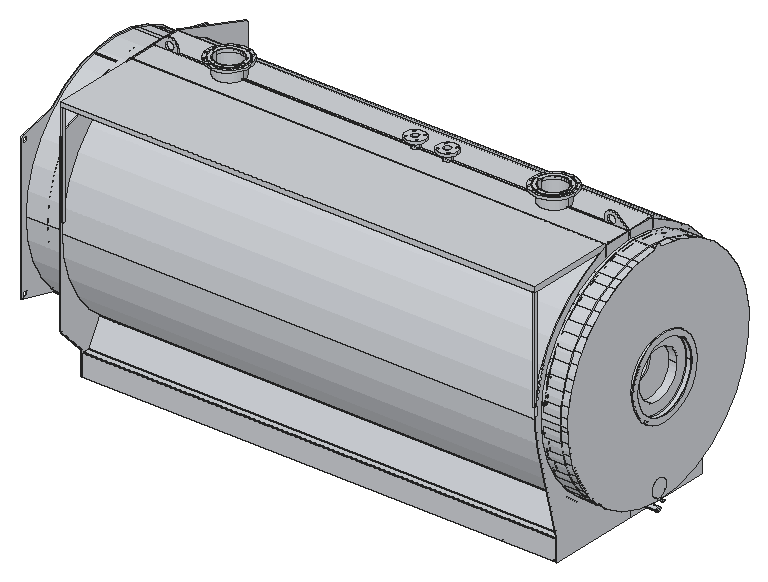
Revit family "BIMON_Котел_Водогрейный_TEMRON_WL6000", category Оборудование, Revit 2019 (continued)
Automatic sketch dimensions
  Extrusion 49 sketch curve to plane 1 "По центру (Вперед/Назад)" = 45.94 mm  (x2)
  plane 1 "По центру (Вперед/Назад)" to Extrusion 49 sketch curve = 45.94 mm  (x2)
  Extrusion 49 sketch curve to Extrusion 49 sketch curve = 79.571 mm  (x6)
  Extrusion 49 sketch curve to Extrusion 49 sketch curve = 0 mm  (x2)
  plane 7 to Extrusion 49 sketch curve = 528.548 mm
  Extrusion 49 sketch curve to Extrusion 49 sketch curve = 91.881 mm  (x2)
  plane 1 "По центру (Вперед/Назад)" to Extrusion 50 sketch curve = 0 mm
  Extrusion 51 sketch curve to Extrusion 51 sketch curve = 0 mm  (x3)
  plane 1 "По центру (Вперед/Назад)" to Extrusion 51 sketch curve = 0 mm
  Extrusion 52 sketch curve to Extrusion 52 sketch curve = 0 mm  (x3)
  plane 1 "По центру (Вперед/Назад)" to Extrusion 52 sketch curve = 0 mm
  Extrusion 53 sketch curve to Extrusion 53 sketch curve = 0 mm  (x6)
  plane 1 "По центру (Вперед/Назад)" to Extrusion 53 sketch curve = 0 mm
  Extrusion 53 sketch curve to Extrusion 53 sketch curve = 51.265 mm  (x3)
  Extrusion 53 sketch curve to plane 1 "По центру (Вперед/Назад)" = 51.265 mm  (x2)
  plane 1 "По центру (Вперед/Назад)" to Extrusion 53 sketch curve = 51.265 mm  (x2)
  Extrusion 54 sketch curve to Extrusion 54 sketch curve = 0 mm  (x6)
  plane 1 "По центру (Вперед/Назад)" to Extrusion 54 sketch curve = 0 mm
  Extrusion 54 sketch curve to plane 1 "По центру (Вперед/Назад)" = 51.265 mm  (x2)
  Extrusion 54 sketch curve to Extrusion 54 sketch curve = 51.265 mm  (x3)
  plane 1 "По центру (Вперед/Назад)" to Extrusion 54 sketch curve = 51.265 mm  (x2)
  Extrusion 54 sketch curve to Extrusion 54 sketch curve = 32.5 mm
  plane 1 "По центру (Вперед/Назад)" to Extrusion 55 sketch curve = 277 mm
  Extrusion 55 sketch curve to plane 5 = 277.313 mm
  plane 9 to Extrusion 55 sketch curve = 561.999 mm
  Extrusion 55 sketch curve to Extrusion 55 sketch curve = 50 mm
  Extrusion 56 sketch curve to plane 18 = 0 mm
  Extrusion 56 sketch curve to plane 7 = 0 mm
  Extrusion 56 sketch curve to Extrusion 56 sketch curve = 20 mm  (x3)
  plane 7 to Extrusion 56 sketch curve = 20 mm
  Extrusion 56 sketch curve to plane 5 = 257.313 mm  (x2)
  plane 1 "По центру (Вперед/Назад)" to Extrusion 24 sketch curve = 269.988 mm
  plane 19 to Extrusion 24 sketch curve = 270 mm
  Extrusion 23 sketch curve to plane 19 = 270 mm
  plane 19 to Extrusion 23 sketch curve = 270 mm
  plane 1 "По центру (Вперед/Назад)" to Extrusion 23 sketch curve = 269.988 mm
  plane 10 to Extrusion 23 sketch curve = 75.012 mm
  curve 3 to plane 14 = 456 mm
  curve 3 to plane 17 = 464 mm
  curve 3 to level = 1395 mm
  plane 9 to curve 2 = 2145 mm
  Revolve 12 sketch curve to Revolve 12 sketch curve = 554.583 mm
  Revolve 13 sketch curve to Revolve 13 sketch curve = 670 mm
  Extrusion 46 sketch curve to plane 8 = 500 mm
  Extrusion 47 sketch curve to plane 8 = 500 mm
  Extrusion 50 sketch curve to plane 8 = 500 mm
  plane 3 "По центру (Влево/Вправо)" to Revolve 11 sketch curve = 1301 mm
  plane 3 "По центру (Влево/Вправо)" to Revolve 12 sketch curve = 1394.583 mm
  plane 3 "По центру (Влево/Вправо)" to Revolve 13 sketch curve = 1470 mm
  plane 3 "По центру (Влево/Вправо)" to Revolve 36 sketch curve = 1576.017 mm
  plane 18 to Revolve 40 sketch curve = 895 mm
  plane 3 "По центру (Влево/Вправо)" to Extrusion 51 sketch curve = 1500 mm
  plane 3 "По центру (Влево/Вправо)" to Extrusion 52 sketch curve = 1200 mm
  plane 3 "По центру (Влево/Вправо)" to Extrusion 53 sketch curve = 1551.265 mm
  Extrusion 53 sketch curve to Extrusion 53 sketch curve = 32.5 mm
  plane 3 "По центру (Влево/Вправо)" to Extrusion 54 sketch curve = 1251.265 mm
  Revolve 57 sketch curve to plane 17 = 270 mm
  Revolve 57 sketch curve to Revolve 57 sketch curve = 50 mm
  level to Revolve 57 sketch curve = 260 mm
  Revolve 57 sketch curve to Revolve 57 sketch curve = 10 mm
  Revolve 57 sketch curve to Revolve 57 sketch curve = 0 mm  (x2)
  Revolve 57 sketch curve to Revolve 57 sketch curve = 20 mm
  radius of Extrusion 1 sketch curve = 1085 mm
  radius of Extrusion 1 sketch curve = 1090 mm
  radius of Extrusion 2 sketch curve = 1035 mm
  radius of Extrusion 2 sketch curve = 1025 mm
  radius of Extrusion 3 sketch curve = 1025 mm
  radius of Extrusion 3 sketch curve = 225 mm
  radius of Sweep 6 sketch curve = 21 mm
  radius of Sweep 6 sketch curve = 18 mm
  radius of Extrusion 7 sketch curve = 860 mm
  radius of Extrusion 7 sketch curve = 1025 mm
  radius of Extrusion 9 sketch curve = 9 mm  (x2)
  radius of Extrusion 14 sketch curve = 40 mm
  radius of Extrusion 15 sketch curve = 40 mm
  radius of Extrusion 16 sketch curve = 1045 mm
  radius of Extrusion 16 sketch curve = 1053 mm
  radius of Extrusion 18 sketch curve = 225 mm
  radius of Extrusion 18 sketch curve = 27 mm  (x4)
  radius of Extrusion 27 sketch curve = 1035 mm
  radius of Extrusion 28 sketch curve = 1025 mm
  radius of Extrusion 29 sketch curve = 1046 mm
  radius of Extrusion 29 sketch curve = 1051 mm
  radius of Extrusion 31 sketch curve = 12.5 mm
  radius of Extrusion 32 sketch curve = 328 mm
  radius of Extrusion 32 sketch curve = 331 mm
  radius of Extrusion 33 sketch curve = 325 mm
  radius of Extrusion 33 sketch curve = 355 mm
  radius of Extrusion 34 sketch curve = 225 mm
  radius of Extrusion 37 sketch curve = 80 mm
  radius of Extrusion 38 sketch curve = 136.5 mm
  radius of Extrusion 38 sketch curve = 125 mm
  radius of Extrusion 39 sketch curve = 167.5 mm
  radius of Extrusion 39 sketch curve = 125 mm
  radius of Extrusion 41 sketch curve = 9 mm  (x2)
  radius of Extrusion 43 sketch curve = 325 mm
  radius of Extrusion 43 sketch curve = 375 mm
  radius of Extrusion 43 sketch curve = 5.5 mm  (x10)
  radius of Extrusion 45 sketch curve = 125 mm
  radius of Extrusion 46 sketch curve = 136.5 mm
  radius of Extrusion 46 sketch curve = 125 mm
  radius of Extrusion 47 sketch curve = 167.5 mm
  radius of Extrusion 47 sketch curve = 125 mm
  radius of Extrusion 49 sketch curve = 13 mm  (x12)
  radius of Extrusion 50 sketch curve = 125 mm
  radius of Extrusion 51 sketch curve = 32.5 mm
  radius of Extrusion 51 sketch curve = 38 mm
  radius of Extrusion 52 sketch curve = 32.5 mm
  radius of Extrusion 52 sketch curve = 38 mm
  radius of Extrusion 53 sketch curve = 92.5 mm
  radius of Extrusion 53 sketch curve = 9 mm  (x4)
  radius of Extrusion 54 sketch curve = 92.5 mm
  radius of Extrusion 54 sketch curve = 9 mm  (x4)
Nested families
  nested 1: "Надпись_Temron_крышка_WL6000" at (-1630, -636.813, 1809.597) x (0, -1, 0) z (1, 0, 0), type "Надпись_Temron_крышка_WL6000", detail levels fine
  nested 2: "Надпись_Temron_бак_WL6000" at (974, 0.012, 1305.004) x (-1, 0, 0) z (0, 0, 1), type "Надпись_Temron_бак_WL6000", detail levels fine
  nested 3: "УГО_Котел_Разрез" at (974, 0, 0), visible <- "УГО", type "УГО_Котел_Разрез", detail levels coarse+medium
    with H 5400 mm
Connectors
  piping at (3530, 0, 260), diameter 15, driven by "D4_Дренажный патрубок газового котла"
    settings: on Revolve 57, index 23, connector inside diameter 609.6 mm, connector length 0 mm, flow factor 0, pipe flow 0.0 L/s, pressure drop 0.0 Pa, fitting loss kfactor 0, connector angle 0.00°, fixture units 0, engagement length 0 mm, angle of deflection 0.00°, flow configuration 1, flow direction 1, fitting loss method 0, system type 29, joint type 0, gender type 0, connector reference index -1, connector utility 0, adjustable connector no, is connector primary yes, connector description ""
  piping at (3483, 0, 170), diameter 32, driven by "D3_Дренажный патрубок"
    settings: on Sweep 6, index 24, connector inside diameter 609.6 mm, connector length 0 mm, flow factor 0, pipe flow 0.0 L/s, pressure drop 0.0 Pa, fitting loss kfactor 0, connector angle 0.00°, fixture units 0, engagement length 0 mm, angle of deflection 0.00°, flow configuration 1, flow direction 1, fitting loss method 0, system type 29, joint type 0, gender type 0, connector reference index -1, connector utility 0, adjustable connector no, is connector primary no, connector description ""
  piping at (2500, 0, 2557), diameter 250, driven by "D1_Вход теплоносителя"
    settings: on cut or joined group of Extrusion 38, Extrusion 45, Extrusion 50, index 25, connector inside diameter 609.6 mm, connector length 0 mm, flow factor 0, pipe flow 0.0 L/s, pressure drop 0.0 Pa, fitting loss kfactor 0, connector angle 0.00°, fixture units 0, engagement length 0 mm, angle of deflection 0.00°, flow configuration 0, flow direction 0, fitting loss method 0, system type 29, joint type 0, gender type 0, connector reference index -1, connector utility 0, adjustable connector no, is connector primary no, connector description ""
  piping at (1500, 0, 2511), diameter 65, driven by "D2_Аварийная линия"
    settings: on Extrusion 53, index 26, connector inside diameter 609.6 mm, connector length 0 mm, flow factor 0, pipe flow 0.0 L/s, pressure drop 0.0 Pa, fitting loss kfactor 0, connector angle 0.00°, fixture units 0, engagement length 0 mm, angle of deflection 0.00°, flow configuration 0, flow direction 0, fitting loss method 0, system type 29, joint type 0, gender type 0, connector reference index -1, connector utility 0, adjustable connector no, is connector primary no, connector description ""
  piping at (1200, 0, 2511), diameter 65, driven by "D2_Аварийная линия"
    settings: on Extrusion 54, index 27, connector inside diameter 609.6 mm, connector length 0 mm, flow factor 0, pipe flow 0.0 L/s, pressure drop 0.0 Pa, fitting loss kfactor 0, connector angle 0.00°, fixture units 0, engagement length 0 mm, angle of deflection 0.00°, flow configuration 0, flow direction 0, fitting loss method 0, system type 29, joint type 0, gender type 0, connector reference index -1, connector utility 0, adjustable connector no, is connector primary no, connector description ""
  piping at (-550, 0, 2557), diameter 250, driven by "D1_Выход теплоносителя"
    settings: on cut or joined group of Extrusion 47, Extrusion 49, index 28, connector inside diameter 609.6 mm, connector length 0 mm, flow factor 0, pipe flow 0.0 L/s, pressure drop 0.0 Pa, fitting loss kfactor 0, connector angle 0.00°, fixture units 0, engagement length 0 mm, angle of deflection 0.00°, flow configuration 0, flow direction 0, fitting loss method 0, system type 29, joint type 0, gender type 0, connector reference index -1, connector utility 0, adjustable connector no, is connector primary no, connector description ""
  hvac at (3542, 0, 1305), driven by "D5_Уходящие газы"
    settings: on Extrusion 43, index 29, duct flow 0.0 L/s, flow factor 0, pres drop 0.0 Pa, loss coef 0, conn angle 0.00°, conn width 304.8 mm, conn height 304.8 mm, conn diameter 720 mm, duct sys type 29, conn prof type 0, flow config 1, flow direction 2, loss method 0, conn ref index -1, conn util no, is conn primary yes, conn desc ""
Definition of nested family "Надпись_Temron_крышка_WL6000"
  Parameters (values of type "Надпись_Temron_крышка_WL2000")
    Default Elevation = 1219.2 mm
    Красный = none
    Белый = none
  Reference planes
    plane 1 "По центру (Вперед/Назад)": y = 0
    plane 2: z = 0
    plane 3 "По центру (Влево/Вправо)": x = 0
    plane 4: z = -0.5
    plane 5: z = -1
  Forms (mm)
    Extrusion 1, solid
      sketch origin (0, 0, 0) x (1, 0, 0) y (0, 1, 0)
        loop
          line (-1219.2, 1219.2) -> (-1219.2, -1219.2) -> (1300.204, -1219.2) -> (1300.204, 1219.2) -> (-1219.2, 1219.2)
      from 0 to -304.8
    Extrusion 2, solid, material <- "Белый"
      sketch origin (0, 0, 0) x (1, 0, 0) y (0, 1, 0)
        loop
          line (-220, 53.122) -> (-220, -53.122) -> (220, -53.122) -> (220, 53.122) -> (-220, 53.122)
      from -0.5 to 0
    Extrusion 3, solid, material <- "Красный"
      sketch origin (0, 0, 0) x (1, 0, 0) y (0, 1, 0)
        loop
          line (-220, -31.601) -> (-157.392, -31.601) -> (-157.392, -18.32) -> (-176.364, -18.32) -> (-176.364, 32.905) -> (-183.953, 32.905) -> (-193.439, 32.905) -> (-193.439, -18.32) -> (-220, -18.32) -> (-220, -31.601)
        loop
          line (-147.615, -31.601) -> (-101.891, -31.601) -> (-101.891, -18.32) -> (-132.246, -18.32) -> (-132.246, -5.04) -> (-105.685, -5.04) -> (-105.685, 6.344) -> (-132.246, 6.344) -> (-132.246, 19.624) -> (-101.891, 19.624) -> (-101.891, 32.905) -> (-147.615, 32.905) -> (-147.615, -31.601)
        loop
          line (-90.585, -31.601) -> (-73.116, -31.601) -> (-55.576, -6.55) -> (-37.439, -31.601) -> (-20.388, -31.601) -> (-20.388, 32.905) -> (-20.388, 53.122) -> (-37.463, 53.122) -> (-37.463, -5.04) -> (-50.966, 13.61) -> (-60.452, 13.61) -> (-73.51, -5.04) -> (-73.51, 32.905) -> (-90.585, 32.905) -> (-90.585, -31.601)
        loop
          line (-7.139, -31.601) -> (30.11, -31.601)
          spline (30.11, -31.601) -> (34.261, -30.52) -> (38.111, -28.257) -> (41.427, -24.95) -> (44.008, -20.799) -> (45.697, -16.054) -> (46.392, -11.004) -> (46.052, -5.954) -> (44.696, -1.209) -> (42.407, 2.942) -> (39.324, 6.25) -> (35.633, 8.512) -> (31.557, 9.593)
          line (31.557, 9.593) -> (47.88, 32.905) -> (31.035, 32.905) -> (18.393, 14.849)
          arc (18.393, 14.849) -> (12.019, 12.685) -> (8.039, 18.114) r 5.692
          line (8.039, 18.114) -> (8.039, 32.905) -> (-7.139, 32.905) -> (-7.139, -31.601)
        loop
          line (131.704, -31.601) -> (146.882, -31.601) -> (177.186, 11.679) -> (177.186, -31.601) -> (194.261, -31.601) -> (194.261, 32.905) -> (172.794, 32.905) -> (148.779, -1.393) -> (148.779, 32.905) -> (131.704, 32.905) -> (131.704, -31.601)
        loop
          line (8.039, 0) -> (8.039, -17.075) -> (21.529, -17.075)
          arc (21.529, -17.075) -> (30.066, -8.537) -> (21.529, 0) r 8.537
          line (21.529, 0) -> (8.039, 0)
        loop
          spline (87.581, -19.624) -> (92, -18.955) -> (96.119, -16.995) -> (99.655, -13.876) -> (102.369, -9.812) -> (104.074, -5.079) -> (104.656, 0) -> (104.074, 5.079) -> (102.369, 9.812) -> (99.655, 13.876) -> (96.119, 16.995) -> (92, 18.955) -> (87.581, 19.624)
          spline (87.581, 19.624) -> (83.162, 18.955) -> (79.044, 16.995) -> (75.507, 13.876) -> (72.794, 9.812) -> (71.088, 5.079) -> (70.506, 0) -> (71.088, -5.079) -> (72.794, -9.812) -> (75.507, -13.876) -> (79.044, -16.995) -> (83.162, -18.955) -> (87.581, -19.624)
        loop
          spline (87.581, -32.905) -> (95.929, -31.783) -> (103.708, -28.496) -> (110.387, -23.267) -> (115.513, -16.452) -> (118.735, -8.516) -> (119.834, 0) -> (118.735, 8.516) -> (115.513, 16.452) -> (110.387, 23.267) -> (103.708, 28.496) -> (95.929, 31.783) -> (87.581, 32.905)
          spline (87.581, 32.905) -> (79.234, 31.783) -> (71.455, 28.496) -> (64.775, 23.267) -> (59.649, 16.452) -> (56.427, 8.516) -> (55.328, 0) -> (56.427, -8.516) -> (59.649, -16.452) -> (64.775, -23.267) -> (71.455, -28.496) -> (79.234, -31.783) -> (87.581, -32.905)
      from -0.5 to -1
  Dimensions and locks
    level to plane 4 = 0.5 mm
    level to plane 5 = 1 mm
    aligned and locked: plane 2 to Extrusion 1
    aligned and locked: level to Extrusion 1
    aligned and locked: level to Extrusion 2
    aligned and locked: Extrusion 2 to plane 4
    aligned and locked: Extrusion 2 to Extrusion 3
    aligned and locked: Extrusion 3 to plane 5
Definition of nested family "Надпись_Temron_бак_WL6000"
  Parameters (values of type "Надпись_Temron_бак_WL2000")
    Default Elevation = 1219.2 mm
    Красный = none
  Reference planes
    plane 1 "По центру (Вперед/Назад)": y = 0
    plane 2: z = 0
    plane 3 "По центру (Влево/Вправо)": x = 0
    plane 4: x = -600
    plane 5: x = 600
    plane 6: z = 150
    plane 7: z = -150
    plane 8: y = -500
  Forms (mm)
    Extrusion 1, solid, material <- "Красный"
      sketch origin (4267.2, -500, 603.455) x (0, 0, 1) y (1, 0, 0)
        loop
          line (-280.476, -5559.115) -> (-280.476, -2975.285) -> (-926.433, -2975.285) -> (-926.433, -4351.901) -> (-814.613, -4351.901) -> (-424.497, -4351.901) -> (-424.497, -4455.021) -> (-575.997, -4564.711) -> (-424.497, -4670.793) -> (-424.497, -4776.439) -> (-814.613, -4776.439) -> (-814.613, -4673.173) -> (-585.133, -4673.173) -> (-697.92, -4594.199) -> (-697.92, -4536.829) -> (-585.133, -4455.167) -> (-926.433, -4455.167) -> (-926.433, -5559.115) -> (-504.815, -5559.115) -> (-504.815, -5398.479) -> (-814.613, -5398.479) -> (-814.613, -5295.213) -> (-504.815, -5295.213) -> (-504.815, -5180.473) -> (-424.497, -5180.473) -> (-424.497, -5559.115) -> (-280.476, -5559.115)
        loop
          line (-424.497, -5121.347) -> (-424.497, -4844.813) -> (-504.815, -4844.813) -> (-504.815, -5028.397) -> (-585.133, -5028.397) -> (-585.133, -4867.761) -> (-653.977, -4867.761) -> (-653.977, -5028.397) -> (-734.295, -5028.397) -> (-734.295, -4844.813) -> (-814.613, -4844.813) -> (-814.613, -5121.347) -> (-424.497, -5121.347)
        loop
          line (-814.613, -4271.775) -> (-424.497, -4271.775) -> (-424.497, -4046.502)
          spline (-424.497, -4046.502) -> (-431.034, -4021.394) -> (-444.717, -3998.109) -> (-464.718, -3978.057) -> (-489.826, -3962.45) -> (-518.52, -3952.235) -> (-549.063, -3948.03) -> (-579.606, -3950.088) -> (-608.3, -3958.287) -> (-633.408, -3972.129) -> (-653.408, -3990.776) -> (-667.092, -4013.1) -> (-673.629, -4037.748)
          line (-673.629, -4037.748) -> (-814.613, -3939.029) -> (-814.613, -4040.904) -> (-705.417, -4117.365)
          arc (-705.417, -4117.365) -> (-692.331, -4155.912) -> (-725.16, -4179.983) r 34.422
          line (-725.16, -4179.983) -> (-814.613, -4179.983) -> (-814.613, -4271.775)
        loop
          arc (-512.346, -4098.398) -> (-563.979, -4046.765) -> (-615.612, -4098.398) r 51.633
          line (-615.612, -4098.398) -> (-615.612, -4179.983) -> (-512.346, -4179.983) -> (-512.346, -4098.398)
        loop
          spline (-496.929, -3698.926) -> (-500.974, -3672.199) -> (-512.83, -3647.293) -> (-531.691, -3625.906) -> (-556.271, -3609.495) -> (-584.895, -3599.179) -> (-615.612, -3595.66) -> (-646.33, -3599.179) -> (-674.954, -3609.495) -> (-699.534, -3625.906) -> (-718.395, -3647.293) -> (-730.251, -3672.199) -> (-734.295, -3698.926)
          spline (-734.295, -3698.926) -> (-730.251, -3725.653) -> (-718.395, -3750.559) -> (-699.534, -3771.946) -> (-674.954, -3788.357) -> (-646.33, -3798.673) -> (-615.612, -3802.192) -> (-584.895, -3798.673) -> (-556.271, -3788.357) -> (-531.691, -3771.946) -> (-512.83, -3750.559) -> (-500.974, -3725.653) -> (-496.929, -3698.926)
        loop
          spline (-416.611, -3698.926) -> (-423.392, -3648.441) -> (-443.273, -3601.397) -> (-474.897, -3560.999) -> (-516.112, -3530.001) -> (-564.107, -3510.514) -> (-615.612, -3503.868) -> (-667.117, -3510.514) -> (-715.113, -3530.001) -> (-756.327, -3560.999) -> (-787.952, -3601.397) -> (-807.832, -3648.441) -> (-814.613, -3698.926)
          spline (-814.613, -3698.926) -> (-807.832, -3749.411) -> (-787.952, -3796.455) -> (-756.327, -3836.853) -> (-715.113, -3867.851) -> (-667.117, -3887.337) -> (-615.612, -3893.984) -> (-564.107, -3887.337) -> (-516.112, -3867.851) -> (-474.897, -3836.853) -> (-443.273, -3796.455) -> (-423.392, -3749.411) -> (-416.611, -3698.926)
        loop
          line (-814.613, -3432.081) -> (-424.497, -3432.081) -> (-424.497, -3340.289) -> (-686.243, -3157.012) -> (-424.497, -3157.012) -> (-424.497, -3053.746) -> (-814.613, -3053.746) -> (-814.613, -3183.576) -> (-607.189, -3328.815) -> (-814.613, -3328.815) -> (-814.613, -3432.081)
      from 0 to -1163.358
    Extrusion 2, void
      sketch origin (0, 366.649, -506.998) x (0, 1, 0) y (0, 0, 1)
        loop
          circle (-366.649, 506.998) r 1090
      from -1351.217 to 1540.529
    Extrusion 3, void
      sketch origin (0, 0, 0) x (0, 1, 0) y (0, 0, 1)
        loop
          circle (0, 0) r 2000
        loop
          circle (0, 0) r 1091
      from -1499.991 to 2891.915
  Cuts and joins
    Extrusion 2, Extrusion 3 cuts Extrusion 1
  Dimensions and locks
    plane 5 to plane 3 "По центру (Влево/Вправо)" to plane 4 = 600 mm, 600 mm
    plane 6 to level = 150 mm
    level to plane 7 = 150 mm
    plane 8 to plane 1 "По центру (Вперед/Назад)" = 500 mm
    aligned and locked: level to plane 2
Definition of nested family "УГО_Котел_Разрез"
  Parameters (values of type "УГО_Котел_Разрез")
    H [instance] = 250 mm
  Reference planes
    plane 1 "По центру (Вперед/Назад)": y = 0
    plane 2: z = 0
    plane 3 "По центру (Влево/Вправо)": x = 0
  Lines and regions (mm)
    detail lines, in view "Опорный уровень"
      curve 1: line (-125, 125, 0) -> (125, 125, 0)
      curve 2: line (-125, -125, 0) -> (-125, 125, 0)
      curve 3: line (125, -125, 0) -> (-125, -125, 0)
      curve 4: line (125, 125, 0) -> (125, -125, 0)
  Dimensions and locks
    equal spacing: curve 2, plane 3 "По центру (Влево/Вправо)", curve 4
    equal spacing: curve 3, plane 1 "По центру (Вперед/Назад)", curve 1
    "H": curve 1 to curve 3
    "H": curve 2 to curve 4
